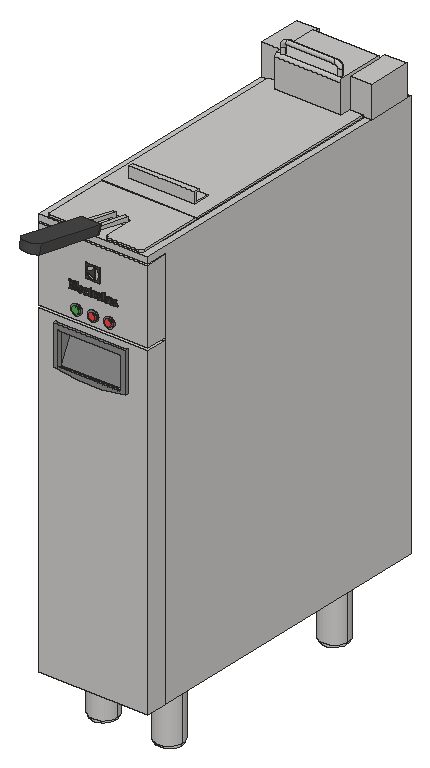
Revit family "QF_ELECTROLUXPROFESSIONAL_285562_EXFRPB1BWQ", category Specialty Equipment, Revit 2018 (continued)
Automatic sketch dimensions
  Extrusion 26 sketch curve to Extrusion 26 sketch curve = 7.158 mm
  Extrusion 26 sketch curve to Extrusion 26 sketch curve = 71.42 mm
  Extrusion 26 sketch curve to Extrusion 26 sketch curve = 1.111 mm
  Extrusion 26 sketch curve to Extrusion 26 sketch curve = 5.916 mm
  Extrusion 24 to Extrusion 27 sketch curve = 0 mm
  Extrusion 27 sketch curve to Extrusion 24 = 59 mm
  Extrusion 27 sketch curve to Extrusion 27 sketch curve = 21.25 mm
  Extrusion 27 sketch curve to Extrusion 24 = 2 mm
  Extrusion 27 sketch curve to Extrusion 27 sketch curve = 5.75 mm
  Extrusion 27 sketch curve to Extrusion 27 sketch curve = 3 mm  (x2)
  Extrusion 27 sketch curve to Extrusion 27 sketch curve = 15 mm
  curve 25 to plane 3 "LEFT" = 0 mm
  plane 5 "FRONT" to curve 18 = 0 mm
  curve 23 to plane 15 = 0 mm
  curve 50 to plane 15 = 0 mm
  curve 74 to plane 15 = 0 mm
  plane 5 "FRONT" to curve 54 = 0 mm
  plane 5 "FRONT" to curve 56 = 0 mm
  plane 5 "FRONT" to curve 63 = 0 mm
  plane 5 "FRONT" to curve 57 = 0 mm
  plane 5 "FRONT" to curve 65 = 0 mm
  plane 5 "FRONT" to curve 66 = 0 mm
  curve 71 to plane 18 = 0 mm
  curve 73 to plane 18 = 0 mm
  curve 70 to plane 14 = 0 mm
  curve 26 to plane 14 = 0 mm
  curve 52 to plane 14 = 0 mm
  curve 18 to plane 19 = 0 mm
  curve 27 to plane 4 "RIGHT" = 0 mm
  plane 5 "FRONT" to curve 28 = 0 mm
  plane 3 "LEFT" to curve 43 = 13.5 mm
  curve 49 to curve 42 = 0 mm
  curve 46 to curve 46 = 5 mm
  curve 51 to curve 51 = 5 mm
  curve 50 to curve 50 = 5 mm
  plane 15 to curve 72 = 5 mm
  plane 15 to curve 71 = 5 mm
  plane 5 "FRONT" to curve 55 = 3.175 mm
  plane 15 to curve 55 = 23.625 mm
  curve 54 to curve 35 = 11.925 mm
  curve 35 to curve 56 = 0.775 mm
  curve 35 to curve 34 = 5 mm
  curve 55 to curve 36 = 5.195 mm
  curve 37 to curve 38 = 3.509 mm
  curve 33 to curve 32 = 5 mm
  plane 5 "FRONT" to curve 63 = 3.175 mm
  curve 63 to plane 7 "Center Y" = 6.375 mm
  plane 7 "Center Y" to curve 58 = 6.325 mm
  plane 7 "Center Y" to curve 31 = 14.641 mm
  curve 57 to curve 38 = 8.93 mm
  curve 39 to curve 40 = 3.5 mm
  curve 31 to curve 30 = 5 mm
  plane 5 "FRONT" to curve 64 = 3.175 mm
  curve 39 to curve 64 = 4.87 mm
  curve 30 to curve 29 = 5 mm
  curve 64 to curve 64 = 12.7 mm
  curve 52 to curve 52 = 5 mm
  curve 52 to curve 53 = 16.691 mm
  curve 45 to plane 5 "FRONT" = 8 mm
  curve 45 to plane 4 "RIGHT" = 18.309 mm
  curve 48 to plane 4 "RIGHT" = 13.309 mm
  curve 45 to curve 44 = 5 mm
  curve 45 to curve 18 = 3.809 mm
  plane 20 to curve 36 = 10.668 mm
  plane 20 to curve 40 = 10.668 mm
  curve 36 to curve 55 = 4.887 mm
  curve 40 to curve 64 = 4.878 mm
  curve 39 to curve 38 = 3.432 mm
  curve 46 to plane 5 "FRONT" = 8 mm
  curve 29 to plane 5 "FRONT" = 8 mm
  curve 34 to plane 5 "FRONT" = 8 mm
  plane 12 to curve 30 = 42.238 mm
  curve 43 to plane 12 = 28 mm
  curve 42 to curve 47 = 1 mm
  curve 47 to curve 68 = 29 mm
  curve 69 to curve 75 = 3.75 mm
  curve 75 to curve 70 = 16.25 mm
  curve 50 to plane 11 = 29 mm
  curve 53 to plane 11 = 29 mm
  curve 51 to curve 50 = 0 mm
  curve 52 to curve 53 = 0 mm
  plane 1 "BACK" to curve 27 = 10 mm
  curve 41 to curve 41 = 3.442 mm
  curve 33 to curve 62 = 0.049 mm
  curve 59 to curve 58 = 2.169 mm
  curve 60 to curve 32 = 5.822 mm
  curve 61 to curve 39 = 0.579 mm
  curve 40 to curve 41 = 11.603 mm
  curve 31 to curve 61 = 0 mm
  curve 49 to curve 25 = 5 mm
  curve 26 to curve 26 = 13.124 mm
  curve 23 to curve 23 = 13.124 mm
  curve 8 to plane 4 "RIGHT" = 0 mm
  curve 9 to plane 4 "RIGHT" = 0 mm
  plane 1 "BACK" to curve 17 = 0 mm
  curve 10 to plane 19 = 0 mm
  plane 5 "FRONT" to curve 3 = 0 mm
  curve 14 to plane 14 = 0 mm
  curve 15 to plane 15 = 0 mm
  plane 5 "FRONT" to curve 9 = 0 mm
  curve 9 to curve 3 = 9.5 mm
  curve 3 to curve 7 = 2.048 mm
  plane 18 to curve 20 = 3.059 mm
  plane 15 to curve 22 = 7.824 mm
  curve 4 to plane 5 "FRONT" = 3 mm
  plane 3 "LEFT" to curve 4 = 11.548 mm
  plane 1 "BACK" to curve 14 = 23.124 mm
  curve 19 to plane 11 = 27.073 mm
  curve 22 to curve 22 = 3.829 mm
  curve 20 to curve 12 = 5.415 mm
  curve 7 to plane 5 "FRONT" = 3 mm
  plane 7 "Center Y" to curve 6 = 24.641 mm
  curve 5 to plane 7 "Center Y" = 24.45 mm
  curve 15 to curve 19 = 8.803 mm
  curve 15 to curve 16 = 1.876 mm
  curve 15 to curve 7 = 1.876 mm
  plane 1 "BACK" to curve 28 = 0 mm
  plane 1 "BACK" to curve 25 = 10 mm
  curve 1 to plane 4 "RIGHT" = 0 mm
  curve 17 to plane 4 "RIGHT" = 0 mm
  curve 16 to plane 3 "LEFT" = 0 mm
  curve 1 to plane 3 "LEFT" = 0 mm
  radius of Sweep 20 sketch curve = 3.827 mm
  radius of Extrusion 7 sketch curve = 6.35 mm
  radius of Extrusion 13 sketch curve = 6.35 mm
  radius of Extrusion 15 sketch curve = 6.35 mm
  radius of Extrusion 17 sketch curve = 6.35 mm
Connectors
  electrical at (155, -50, 92)
    settings: on Extrusion 7, index 1, voltage 400 V, apparent load 16050 VA, apparent load phase1 0 VA, apparent load phase2 0 VA, apparent load phase3 0 VA, power factor 1, load classification "Other", number of poles 1, system type 30, power factor state 1, is connector primary yes, connector utility no, sub classification motor no, connector description "ELECTRICAL CONNECTION"
